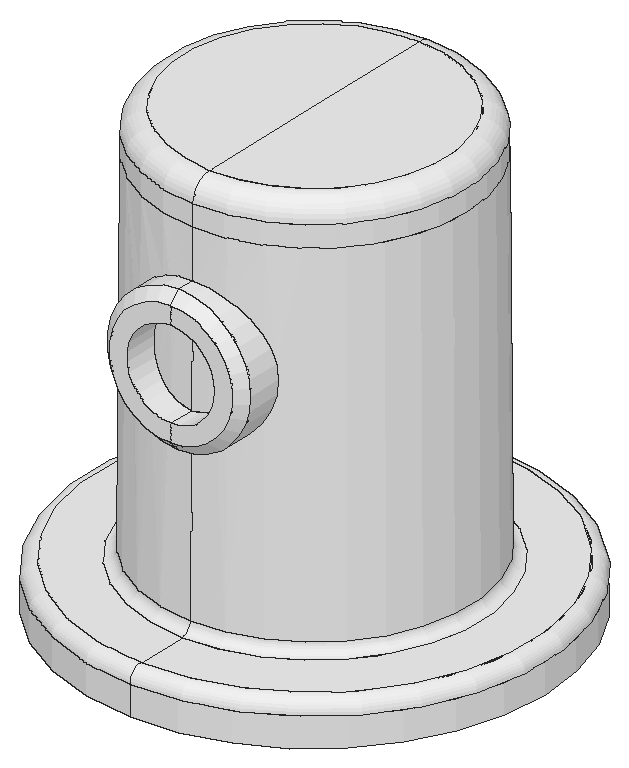
Revit family "Shower_Elbow-GROHE-Relexa-28627_Series", category Plumbing Fixtures, host Face, Revit 2014
Parameters (values of type "28627000")
  Width = 2 5/8"
  Waste Connection = no
  Warranty Information = "Limited Lifetime Warranty"
  WFU = 4
  Vent Connection = no
  URL = "http://www.grohe.com/"
  Type Comments = ""
  Shipping Weight = 0.344 lbf
  Product Page URL = "http://www.grohe.com/ca-en/5750/search/search-result/product-details/?product=28627-G091&color=000&material=28627EN0"
  Price = "Prices may vary. Please consult Manufacturer Representative for most up-to-date price list."  # constant formula
  Model = "28627000"
  Material = "Brass-Grohe-000-Starlight Chrome"
  Manufacturer = "GROHE"
  Length = 2.54"
  Installation Type = "Wall Mounted"
  Height = 2 5/8"
  HWFU = 3
  HW Connection = yes
  Finish = Brass-Grohe-000-Starlight Chrome
  Description = "Relexa Shower Outlet Elbow"
  Default Elevation = 68"
  Creation Date = "11/9/2016"
  Connection Diameter = 1/2"
  CWFU = 2
  CW Connection = yes
  Assembly Code = "D2020"
  ADA Compliant = yes
Types (3): name | Product Page URL | Model | Material | Finish
  (no name) | "http://www.grohe.com/ca-en/5750/search/search-result/product-details/?product=28627-G091&color=000&material=28627EN0" | "28627000" | "Brass-Grohe-000-Starlight Chrome" | Brass-Grohe-000-Starlight Chrome
  28627000 | "http://www.grohe.com/ca-en/5750/search/search-result/product-details/?product=28627-G091&color=000&material=28627EN0" | "28627000" | "Brass-Grohe-000-Starlight Chrome" | Brass-Grohe-000-Starlight Chrome
  28627EN0 | "http://www.grohe.com/ca-en/5750/search/search-result/product-details/?product=28627-G091&color=EN0&material=28627000" | "28627EN0" | "Brass-Grohe-EN0-Brushed Nickel" | Brass-Grohe-EN0-Brushed Nickel
Reference planes (in)
  plane 1 "Center (Front/Back)": y = 0
  plane 2: z = 0
  plane 3 "Center (Left/Right)": x = 0
  plane 4: y = 1.3125
  plane 5: y = -1.3125
  plane 6: z = 2.54
Forms (in)
  Revolve 1, solid, material "Brass-Grohe-000-Starlight Chrome" <- "Finish"
    sketch origin (0, 0, 0) x (0, 1, 0) y (0, 0, 1)
      loop
        line (0.74803, 2.54) -> (0, 2.54) -> (0, 0.24409) -> (0.25, 0.24409) -> (0.25, 0) -> (1.3125, 0) -> (1.3125, 0.16535)
        arc (1.3125, 0.16535) -> (1.28944, 0.22103) -> (1.23376, 0.24409) r 0.07874
        line (1.23376, 0.24409) -> (0.94265, 0.24409)
        arc (0.94265, 0.24409) -> (0.90107, 0.26121) -> (0.88359, 0.30263) r 0.05906
        line (0.88359, 0.30263) -> (0.86614, 2.30235) -> (0.86614, 2.42189)
        arc (0.86614, 2.42189) -> (0.83155, 2.50541) -> (0.74803, 2.54) r 0.11811
      axis (0, 2.54) -> (0, 0)
    angle from 0 to 360
  Revolve 2, solid, material "Brass-Grohe-000-Starlight Chrome" <- "Finish"
    sketch origin (0, 0, 0) x (0, 1, 0) y (0, 0, 1)
      loop
        line (-1.02308, 1.97221) -> (-1.02308, 1.87127) -> (-0.77308, 1.87127) -> (-0.77308, 1.62127) -> (0, 1.62127) -> (0, 2.03072) -> (-0.96457, 2.03072) -> (-1.02308, 1.97221)
      axis (-1.02308, 1.62127) -> (0, 1.62127)
    angle from 0 to 360
Cuts and joins
  joined: Revolve 1, Revolve 2
Lines and regions (in)
  Masking region 1
    outline origin (0, 0, 0) x (1, 0, 0) y (0, 0, 1)
      loop
        line (0.74803, 2.54) -> (-0.74803, 2.54)
        arc (-0.74803, 2.54) -> (-0.83155, 2.50541) -> (-0.86614, 2.42189) r 0.11811
        line (-0.86614, 2.42189) -> (-0.86614, 2.30235) -> (-0.88359, 0.30263)
        arc (-0.88359, 0.30263) -> (-0.90107, 0.26121) -> (-0.94265, 0.24409) r 0.05906
        line (-0.94265, 0.24409) -> (-1.23376, 0.24409)
        arc (-1.23376, 0.24409) -> (-1.28944, 0.22103) -> (-1.3125, 0.16535) r 0.07874
        line (-1.3125, 0.16535) -> (-1.3125, 0) -> (1.3125, 0) -> (1.3125, 0.16535)
        arc (1.3125, 0.16535) -> (1.28944, 0.22103) -> (1.23376, 0.24409) r 0.07874
        line (1.23376, 0.24409) -> (0.94265, 0.24409)
        arc (0.94265, 0.24409) -> (0.90107, 0.26121) -> (0.88359, 0.30263) r 0.05906
        line (0.88359, 0.30263) -> (0.86614, 2.30235) -> (0.86614, 2.42189)
        arc (0.86614, 2.42189) -> (0.83155, 2.50541) -> (0.74803, 2.54) r 0.11811
  symbolic lines, detail levels medium+fine
    curve 1: line (0.94265, 0, 0.24409) -> (-0.94265, 0, 0.24409)
  symbolic lines, detail levels fine
    curve 2: line (0.86614, 0, 2.30235) -> (-0.86614, 0, 2.30235)
Dimensions and locks (in)
  "Length": plane 6 to host face
  "Width": plane 4 to plane 5
  aligned and locked: plane 2 to host face
  aligned and locked: level to host face
Automatic sketch dimensions
  host sketch curve to host sketch curve = 96"  (x2)
  Revolve 2 sketch curve to plane 1 "Center (Front/Back)" = 0"
  Revolve 2 sketch curve to plane 5 = 0.53942"
  Revolve 2 sketch curve to Revolve 2 sketch curve = 0.19149"
  Revolve 2 sketch curve to Revolve 2 sketch curve = 0.05851"  (x2)
  Revolve 2 sketch curve to plane 6 = 0.91873"
  Revolve 2 sketch curve to Revolve 2 sketch curve = 1/4"
  Revolve 2 sketch curve to Revolve 2 sketch curve = 0.10094"
  Revolve 2 sketch curve to Revolve 2 sketch curve = 0.29258"
  Revolve 2 sketch curve to Revolve 2 sketch curve = 0.10768"
  Revolve 2 sketch curve to Revolve 2 sketch curve = 0"
  Revolve 1 sketch curve to plane 1 "Center (Front/Back)" = 0"  (x2)
  Revolve 1 sketch curve to level = 0"
  Revolve 1 sketch curve to plane 6 = 0"
  Revolve 1 sketch curve to plane 4 = 0"
  Revolve 1 sketch curve to plane 1 "Center (Front/Back)" = 1/4"
  plane 4 to Revolve 1 sketch curve = 0.56447"
  Revolve 1 sketch curve to Revolve 1 sketch curve = 0.11811"
  plane 4 to Revolve 1 sketch curve = 0.42891"
  Revolve 1 sketch curve to Revolve 1 sketch curve = 0.05905"
  Revolve 1 sketch curve to Revolve 1 sketch curve = 0.07874"
  level to Revolve 1 sketch curve = 0.16535"
  Revolve 1 sketch curve to Revolve 1 sketch curve = 0.05854"
  Revolve 1 sketch curve to Revolve 1 sketch curve = 0.11954"
  Revolve 1 sketch curve to level = 0.15671"
  Revolve 1 sketch curve to Revolve 1 sketch curve = 0.11319"
  level to Revolve 1 sketch curve = 0.24409"
  Masking region 1 sketch curve to level = 0"
  Masking region 1 sketch curve to plane 6 = 0"
  Masking region 1 sketch curve to plane 3 "Center (Left/Right)" = 1 5/16"
  Masking region 1 sketch curve to Masking region 1 sketch curve = 0.07874"  (x2)
  Masking region 1 sketch curve to Masking region 1 sketch curve = 0.29111"  (x2)
  level to Masking region 1 sketch curve = 0.30263"  (x2)
  Masking region 1 sketch curve to Masking region 1 sketch curve = 0.05905"  (x2)
  Masking region 1 sketch curve to plane 6 = 0.11811"  (x2)
  Masking region 1 sketch curve to plane 3 "Center (Left/Right)" = 0.86614"
  plane 3 "Center (Left/Right)" to Masking region 1 sketch curve = 0.74803"
  plane 3 "Center (Left/Right)" to Masking region 1 sketch curve = 0.88359"
  level to Masking region 1 sketch curve = 0.16535"  (x2)
  Masking region 1 sketch curve to Masking region 1 sketch curve = 0.11954"  (x2)
  level to curve 1 = 0.24409"
  curve 1 to plane 3 "Center (Left/Right)" = 0.94265"
  curve 2 to plane 6 = 0.23765"
  curve 2 to plane 3 "Center (Left/Right)" = 0.86614"
  plane 3 "Center (Left/Right)" to curve 2 = 0.86614"
  plane 3 "Center (Left/Right)" to curve 1 = 0.94265"
Connectors (in)
  piping at (0, -1.02308, 1.62127), diameter 0.5, driven by "Connection Diameter"
    settings: on cut or joined group of Revolve 1, Revolve 2, index 1, connector inside diameter 24", connector length 0", flow factor 0, pipe flow 0 GPM, pressure drop 0.00 psi, fitting loss kfactor 0, connector angle 0.00°, fixture units 0, engagement length 0", angle of deflection 0.00°, flow configuration 0, flow direction 2, fitting loss method 0, system type 29, joint type 0, gender type 0, connector reference index 4, connector utility 0, adjustable connector no, is connector primary yes, connector description "1/2\" NPT Female Thread Outlet Connection"
  piping at (0, 0, 0), diameter 0.5, driven by "Connection Diameter"
    settings: on cut or joined group of Revolve 1, Revolve 2, index 4, connector inside diameter 24", connector length 0", flow factor 0, pipe flow 0 GPM, pressure drop 0.00 psi, fitting loss kfactor 0, connector angle 0.00°, fixture units 0, engagement length 0", angle of deflection 0.00°, flow configuration 0, flow direction 1, fitting loss method 0, system type 29, joint type 0, gender type 0, connector reference index 1, connector utility 0, adjustable connector no, is connector primary no, connector description "1/2\" NPT Female Thread Inlet Connection"
